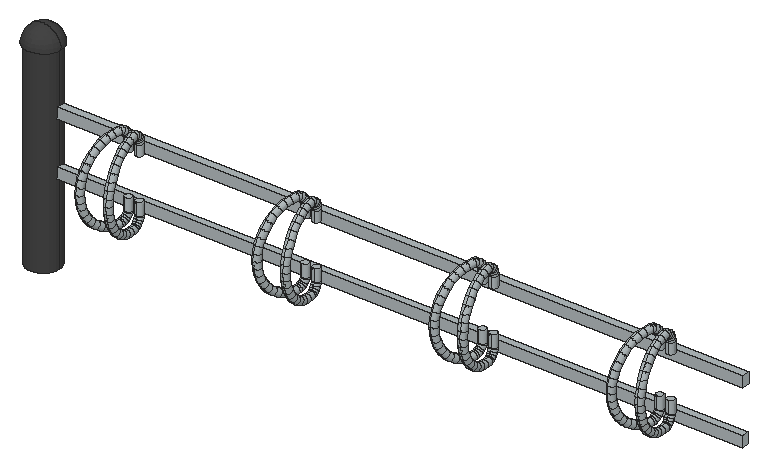
Revit family "Sirius 4 Pl Rak", category Furniture, Revit 2020
Family settings
  OmniClass Number = 23.21.23.13.15
  Work Plane-Based = No
  Always vertical = Yes
  Cut with Voids When Loaded = No
  Shared = No
  Room Calculation Point = No
Parameters (values of type "8003073 / Black - Galvanized")
  Uniclass 1.4 Description = "Furniture"
  Uniclass 1.4 Code = "L8211"
  URL = "https://www.hags.com/"
  QR code = "https://www.hags.com/en-us/furniture/park-and-urban-furniture/bicycle-storage/sirius-cycle-stand"
  Product url = "https://www.hags.com/en-us/furniture/park-and-urban-furniture/bicycle-storage/sirius-cycle-stand"
  Product name = "Sirius Cycle Stand Cast In Place 4 PL"
  Product data url = "https://bimobject.com/hags/product/sofa_sofiero_detached"
  Product SKU = "Sirius_Cycle_Stand_Detached"
  Product Guid = "90e49432-c870-4a59-897e-b15016e8f9bd"
  OmniClass Description = "BICYCLE STORAGE"
  OmniClass Code = "23-21 23 13 15"
  Model = "8003073"
  Manufacturer name = "HAGS"
  Manufacturer = "Hags"
  IFC Classification = "Furniture"
  Edition number = 1
  Description = ""
  Default Elevation = 0 mm
  Construction material = Hags - Steel - Powder coated - Black
  Body material_90 = Hags - Steel - Galvanized
  Body material = Hags - Steel - Galvanized
  BIMobject category = "PARK AND URBAN FURNITURE"
Reference planes
  plane 1 "Center (Front/Back)": y = 0
  plane 2: z = 0
  plane 3 "Center (Left/Right)": x = 0
Forms (mm)
  Extrusion 1, solid, material "Hags - Steel - Galvanized" <- "Body material"
    sketch origin (1.365, -9.603, 369.929) x (1, 0, 0) y (0, 1, 0)
      loop
        line (45, 10) -> (45, -10) -> (1955, -10) -> (1955, 10) -> (45, 10)
    from 10 to 40
  Extrusion 2, solid, material "Hags - Steel - Powder coated - Black" <- "Construction material"
    sketch origin (1.256, -9.603, 0) x (1, 0, 0) y (0, 1, 0)
      loop
        circle (0, 0) r 45
    from 0 to 549.709
  Revolve 3, solid, material "Hags - Steel - Powder coated - Black" <- "Construction material"
    sketch origin (-157.494, -9.976, 679.925) x (1, 0, 0) y (0, 0, -1)
      loop
        arc (158.761, 80.421) -> (194.116, 95.065) -> (208.761, 130.421) r 50
        line (208.761, 130.421) -> (207.761, 130.421)
        arc (207.761, 130.421) -> (193.409, 95.772) -> (158.761, 81.421) r 49
        line (158.761, 81.421) -> (158.761, 80.421)
      axis (158.761, 80.421) -> (158.761, 130.421)
    angle from 0 to 360
  Extrusion 4, solid, material "Hags - Steel - Galvanized" <- "Body material"
    sketch origin (1.365, -9.603, 220) x (1, 0, 0) y (0, 1, 0)
      loop
        line (45, 10) -> (45, -10) -> (1955, -10) -> (1955, 10) -> (45, 10)
    from 10 to 40
  Sweep 5, solid, material "Hags - Steel - Galvanized" <- "Body material"
    path in 3D
      loop
        line (284.399, -28.912, 379.243) -> (284.399, -28.912, 409.356) -> (284.665, -30.416, 417.342) -> (285.316, -34.108, 425.042) -> (286.286, -39.612, 430.632) -> (287.965, -49.133, 436.349) -> (289.347, -56.972, 437.365) -> (292.522, -74.978, 434.786) -> (295.203, -90.181, 431.456) -> (297.994, -106.011, 424.537) -> (300.723, -121.485, 415.172) -> (303.109, -135.021, 403.262) -> (305.21, -146.933, 388.659) -> (306.856, -156.271, 373.149) -> (308.013, -162.829, 356.943) -> (308.792, -167.247, 339.38) -> (309.009, -168.477, 321.297) -> (308.744, -166.976, 303.115) -> (308.016, -162.845, 285.057) -> (306.889, -156.455, 268.21) -> (305.171, -146.715, 252.347) -> (303.187, -135.458, 238.586) -> (300.759, -121.692, 226.912) -> (298.069, -106.433, 217.568) -> (295.162, -89.947, 210.351) -> (292.187, -73.075, 206.279) -> (288.99, -54.946, 204.888) -> (287.744, -47.88, 206.305) -> (286.375, -40.117, 210.646) -> (285.399, -34.582, 217.063) -> (284.552, -29.777, 225.614) -> (284.444, -29.163, 229.974) -> (284.444, -29.163, 262.737)
    profile origin (284.444, -29.163, 246.356) x (0, 1, 0) y (-1, 0, 0)
      loop
        circle (0, 0) r 10
  Sweep 6, solid, material "Hags - Steel - Galvanized" <- "Body material"
    path in 3D
      loop
        line (254.031, -29.133, 379.797) -> (254.031, -29.133, 409.91) -> (253.766, -30.637, 417.896) -> (253.115, -34.329, 425.596) -> (252.145, -39.834, 431.186) -> (250.466, -49.355, 436.903) -> (249.084, -57.193, 437.919) -> (245.909, -75.199, 435.34) -> (243.228, -90.403, 432.01) -> (240.437, -106.232, 425.091) -> (237.708, -121.706, 415.726) -> (235.321, -135.242, 403.816) -> (233.221, -147.154, 389.213) -> (231.574, -156.492, 373.703) -> (230.418, -163.05, 357.497) -> (229.639, -167.468, 339.934) -> (229.422, -168.699, 321.851) -> (229.687, -167.198, 303.669) -> (230.415, -163.066, 285.611) -> (231.542, -156.676, 268.764) -> (233.259, -146.936, 252.901) -> (235.244, -135.679, 239.14) -> (237.672, -121.914, 227.466) -> (240.362, -106.654, 218.122) -> (243.269, -90.169, 210.905) -> (246.244, -73.297, 206.833) -> (249.441, -55.167, 205.442) -> (250.687, -48.101, 206.859) -> (252.056, -40.338, 211.2) -> (253.032, -34.803, 217.617) -> (253.879, -29.998, 226.168) -> (253.987, -29.385, 230.528) -> (253.987, -29.385, 263.291)
    profile origin (253.987, -29.385, 246.91) x (0, 1, 0) y (-1, 0, 0)
      loop
        circle (0, 0) r 10
  Sweep 7, solid, material "Hags - Steel - Galvanized" <- "Body material"
    path in 3D
      loop
        line (1764.174, -28.912, 405.073) -> (1764.174, -28.912, 435.185) -> (1764.439, -30.416, 443.172) -> (1765.09, -34.108, 450.872) -> (1766.061, -39.612, 456.461) -> (1767.74, -49.133, 462.179) -> (1769.122, -56.972, 463.194) -> (1772.297, -74.978, 460.616) -> (1774.978, -90.181, 457.286) -> (1777.769, -106.011, 450.366) -> (1780.497, -121.485, 441.002) -> (1782.884, -135.021, 429.092) -> (1784.984, -146.933, 414.489) -> (1786.631, -156.271, 398.978) -> (1787.787, -162.829, 382.772) -> (1788.566, -167.247, 365.21) -> (1788.783, -168.477, 347.126) -> (1788.519, -166.976, 328.944) -> (1787.79, -162.845, 310.887) -> (1786.663, -156.455, 294.039) -> (1784.946, -146.715, 278.176) -> (1782.961, -135.458, 264.416) -> (1780.534, -121.692, 252.741) -> (1777.843, -106.433, 243.398) -> (1774.936, -89.947, 236.18) -> (1771.961, -73.075, 232.108) -> (1768.765, -54.946, 230.717) -> (1767.519, -47.88, 232.135) -> (1766.15, -40.117, 236.476) -> (1765.174, -34.582, 242.892) -> (1764.327, -29.777, 251.444) -> (1764.218, -29.163, 255.804) -> (1764.218, -29.163, 288.567)
    profile origin (1764.218, -29.163, 272.185) x (0, 1, 0) y (-1, 0, 0)
      loop
        circle (0, 0) r 10
  Sweep 8, solid, material "Hags - Steel - Galvanized" <- "Body material"
    path in 3D
      loop
        line (1733.806, -29.133, 405.627) -> (1733.806, -29.133, 435.739) -> (1733.541, -30.637, 443.726) -> (1732.89, -34.329, 451.426) -> (1731.919, -39.834, 457.015) -> (1730.24, -49.355, 462.733) -> (1728.858, -57.193, 463.748) -> (1725.683, -75.199, 461.17) -> (1723.002, -90.403, 457.84) -> (1720.211, -106.232, 450.92) -> (1717.483, -121.706, 441.556) -> (1715.096, -135.242, 429.646) -> (1712.996, -147.154, 415.043) -> (1711.349, -156.492, 399.532) -> (1710.193, -163.05, 383.326) -> (1709.414, -167.468, 365.764) -> (1709.197, -168.699, 347.68) -> (1709.461, -167.198, 329.498) -> (1710.19, -163.066, 311.441) -> (1711.317, -156.676, 294.593) -> (1713.034, -146.936, 278.73) -> (1715.019, -135.679, 264.97) -> (1717.446, -121.914, 253.295) -> (1720.137, -106.654, 243.952) -> (1723.044, -90.169, 236.734) -> (1726.019, -73.297, 232.662) -> (1729.215, -55.167, 231.271) -> (1730.461, -48.101, 232.689) -> (1731.83, -40.338, 237.03) -> (1732.806, -34.803, 243.446) -> (1733.653, -29.998, 251.998) -> (1733.762, -29.385, 256.358) -> (1733.762, -29.385, 289.121)
    profile origin (1733.762, -29.385, 272.739) x (0, 1, 0) y (-1, 0, 0)
      loop
        circle (0, 0) r 10
  Sweep 9, solid, material "Hags - Steel - Galvanized" <- "Body material"
    path in 3D
      loop
        line (777.658, -28.912, 387.853) -> (777.658, -28.912, 417.966) -> (777.923, -30.416, 425.952) -> (778.574, -34.108, 433.652) -> (779.545, -39.612, 439.241) -> (781.223, -49.133, 444.959) -> (782.605, -56.972, 445.974) -> (785.78, -74.978, 443.396) -> (788.461, -90.181, 440.066) -> (791.252, -106.011, 433.147) -> (793.981, -121.485, 423.782) -> (796.368, -135.021, 411.872) -> (798.468, -146.933, 397.269) -> (800.115, -156.271, 381.759) -> (801.271, -162.829, 365.553) -> (802.05, -167.247, 347.99) -> (802.267, -168.477, 329.907) -> (802.002, -166.976, 311.725) -> (801.274, -162.845, 293.667) -> (800.147, -156.455, 276.82) -> (798.43, -146.715, 260.956) -> (796.445, -135.458, 247.196) -> (794.017, -121.692, 235.521) -> (791.327, -106.433, 226.178) -> (788.42, -89.947, 218.96) -> (785.445, -73.075, 214.889) -> (782.248, -54.946, 213.498) -> (781.002, -47.88, 214.915) -> (779.633, -40.117, 219.256) -> (778.657, -34.582, 225.673) -> (777.81, -29.777, 234.224) -> (777.702, -29.163, 238.584) -> (777.702, -29.163, 271.347)
    profile origin (777.702, -29.163, 254.965) x (0, 1, 0) y (-1, 0, 0)
      loop
        circle (0, 0) r 10
  Sweep 10, solid, material "Hags - Steel - Galvanized" <- "Body material"
    path in 3D
      loop
        line (747.29, -29.133, 388.407) -> (747.29, -29.133, 418.52) -> (747.024, -30.637, 426.506) -> (746.373, -34.329, 434.206) -> (745.403, -39.834, 439.795) -> (743.724, -49.355, 445.513) -> (742.342, -57.193, 446.528) -> (739.167, -75.199, 443.95) -> (736.486, -90.403, 440.62) -> (733.695, -106.232, 433.701) -> (730.966, -121.706, 424.336) -> (728.58, -135.242, 412.426) -> (726.479, -147.154, 397.823) -> (724.833, -156.492, 382.313) -> (723.676, -163.05, 366.107) -> (722.897, -167.468, 348.544) -> (722.68, -168.699, 330.461) -> (722.945, -167.198, 312.279) -> (723.673, -163.066, 294.221) -> (724.8, -156.676, 277.374) -> (726.518, -146.936, 261.51) -> (728.503, -135.679, 247.75) -> (730.93, -121.914, 236.075) -> (733.62, -106.654, 226.732) -> (736.527, -90.169, 219.514) -> (739.502, -73.297, 215.443) -> (742.699, -55.167, 214.052) -> (743.945, -48.101, 215.469) -> (745.314, -40.338, 219.81) -> (746.29, -34.803, 226.227) -> (747.137, -29.998, 234.778) -> (747.245, -29.385, 239.138) -> (747.245, -29.385, 271.901)
    profile origin (747.245, -29.385, 255.519) x (0, 1, 0) y (-1, 0, 0)
      loop
        circle (0, 0) r 10
  Sweep 11, solid, material "Hags - Steel - Galvanized" <- "Body material"
    path in 3D
      loop
        line (1270.916, -28.912, 396.463) -> (1270.916, -28.912, 426.576) -> (1271.181, -30.416, 434.562) -> (1271.832, -34.108, 442.262) -> (1272.803, -39.612, 447.851) -> (1274.482, -49.133, 453.569) -> (1275.864, -56.972, 454.584) -> (1279.039, -74.978, 452.006) -> (1281.719, -90.181, 448.676) -> (1284.511, -106.011, 441.757) -> (1287.239, -121.485, 432.392) -> (1289.626, -135.021, 420.482) -> (1291.726, -146.933, 405.879) -> (1293.373, -156.271, 390.368) -> (1294.529, -162.829, 374.162) -> (1295.308, -167.247, 356.6) -> (1295.525, -168.477, 338.516) -> (1295.26, -166.976, 320.335) -> (1294.532, -162.845, 302.277) -> (1293.405, -156.455, 285.43) -> (1291.688, -146.715, 269.566) -> (1289.703, -135.458, 255.806) -> (1287.276, -121.692, 244.131) -> (1284.585, -106.433, 234.788) -> (1281.678, -89.947, 227.57) -> (1278.703, -73.075, 223.499) -> (1275.506, -54.946, 222.108) -> (1274.26, -47.88, 223.525) -> (1272.892, -40.117, 227.866) -> (1271.916, -34.582, 234.283) -> (1271.068, -29.777, 242.834) -> (1270.96, -29.163, 247.194) -> (1270.96, -29.163, 279.957)
    profile origin (1270.96, -29.163, 263.575) x (0, 1, 0) y (-1, 0, 0)
      loop
        circle (0, 0) r 10
  Sweep 12, solid, material "Hags - Steel - Galvanized" <- "Body material"
    path in 3D
      loop
        line (1240.548, -29.133, 397.017) -> (1240.548, -29.133, 427.13) -> (1240.282, -30.637, 435.116) -> (1239.631, -34.329, 442.816) -> (1238.661, -39.834, 448.405) -> (1236.982, -49.355, 454.123) -> (1235.6, -57.193, 455.138) -> (1232.425, -75.199, 452.56) -> (1229.744, -90.403, 449.23) -> (1226.953, -106.232, 442.311) -> (1224.225, -121.706, 432.946) -> (1221.838, -135.242, 421.036) -> (1219.737, -147.154, 406.433) -> (1218.091, -156.492, 390.922) -> (1216.935, -163.05, 374.716) -> (1216.155, -167.468, 357.154) -> (1215.939, -168.699, 339.07) -> (1216.203, -167.198, 320.889) -> (1216.932, -163.066, 302.831) -> (1218.058, -156.676, 285.983) -> (1219.776, -146.936, 270.12) -> (1221.761, -135.679, 256.36) -> (1224.188, -121.914, 244.685) -> (1226.879, -106.654, 235.342) -> (1229.785, -90.169, 228.124) -> (1232.76, -73.297, 224.053) -> (1235.957, -55.167, 222.662) -> (1237.203, -48.101, 224.079) -> (1238.572, -40.338, 228.42) -> (1239.548, -34.803, 234.837) -> (1240.395, -29.998, 243.388) -> (1240.503, -29.385, 247.748) -> (1240.503, -29.385, 280.511)
    profile origin (1240.503, -29.385, 264.129) x (0, 1, 0) y (-1, 0, 0)
      loop
        circle (0, 0) r 10
Lines and regions (mm)
  sketch lines
    curve 1: line (284.444, -29.163, 229.974) -> (284.444, -29.163, 262.737)
    curve 2: line (284.552, -29.777, 225.614) -> (284.444, -29.163, 229.974)
    curve 3: line (285.399, -34.582, 217.063) -> (284.552, -29.777, 225.614)
    curve 4: line (286.375, -40.117, 210.646) -> (285.399, -34.582, 217.063)
    curve 5: line (287.744, -47.88, 206.305) -> (286.375, -40.117, 210.646)
    curve 6: line (288.99, -54.946, 204.888) -> (287.744, -47.88, 206.305)
    curve 7: line (292.187, -73.075, 206.279) -> (288.99, -54.946, 204.888)
    curve 8: line (295.162, -89.947, 210.351) -> (292.187, -73.075, 206.279)
    curve 9: line (298.069, -106.433, 217.568) -> (295.162, -89.947, 210.351)
    curve 10: line (300.759, -121.692, 226.912) -> (298.069, -106.433, 217.568)
    curve 11: line (303.187, -135.458, 238.586) -> (300.759, -121.692, 226.912)
    curve 12: line (305.171, -146.715, 252.347) -> (303.187, -135.458, 238.586)
    curve 13: line (306.889, -156.455, 268.21) -> (305.171, -146.715, 252.347)
    curve 14: line (308.016, -162.845, 285.057) -> (306.889, -156.455, 268.21)
    curve 15: line (308.744, -166.976, 303.115) -> (308.016, -162.845, 285.057)
    curve 16: line (309.009, -168.477, 321.297) -> (308.744, -166.976, 303.115)
    curve 17: line (308.792, -167.247, 339.38) -> (309.009, -168.477, 321.297)
    curve 18: line (308.013, -162.829, 356.943) -> (308.792, -167.247, 339.38)
    curve 19: line (306.856, -156.271, 373.149) -> (308.013, -162.829, 356.943)
    curve 20: line (305.21, -146.933, 388.659) -> (306.856, -156.271, 373.149)
    curve 21: line (303.109, -135.021, 403.262) -> (305.21, -146.933, 388.659)
    curve 22: line (300.723, -121.485, 415.172) -> (303.109, -135.021, 403.262)
    curve 23: line (297.994, -106.011, 424.537) -> (300.723, -121.485, 415.172)
    curve 24: line (295.203, -90.181, 431.456) -> (297.994, -106.011, 424.537)
    curve 25: line (292.522, -74.978, 434.786) -> (295.203, -90.181, 431.456)
    curve 26: line (289.347, -56.972, 437.365) -> (292.522, -74.978, 434.786)
    curve 27: line (287.965, -49.133, 436.349) -> (289.347, -56.972, 437.365)
    curve 28: line (286.286, -39.612, 430.632) -> (287.965, -49.133, 436.349)
    curve 29: line (285.316, -34.108, 425.042) -> (286.286, -39.612, 430.632)
    curve 30: line (284.665, -30.416, 417.342) -> (285.316, -34.108, 425.042)
    curve 31: line (284.399, -28.912, 409.356) -> (284.665, -30.416, 417.342)
    curve 32: line (284.399, -28.912, 379.243) -> (284.399, -28.912, 409.356)
    curve 33: line (253.987, -29.385, 230.528) -> (253.987, -29.385, 263.291)
    curve 34: line (253.879, -29.998, 226.168) -> (253.987, -29.385, 230.528)
    curve 35: line (253.032, -34.803, 217.617) -> (253.879, -29.998, 226.168)
    curve 36: line (252.056, -40.338, 211.2) -> (253.032, -34.803, 217.617)
    curve 37: line (250.687, -48.101, 206.859) -> (252.056, -40.338, 211.2)
    curve 38: line (249.441, -55.167, 205.442) -> (250.687, -48.101, 206.859)
    curve 39: line (246.244, -73.297, 206.833) -> (249.441, -55.167, 205.442)
    curve 40: line (243.269, -90.169, 210.905) -> (246.244, -73.297, 206.833)
    curve 41: line (240.362, -106.654, 218.122) -> (243.269, -90.169, 210.905)
    curve 42: line (237.672, -121.914, 227.466) -> (240.362, -106.654, 218.122)
    curve 43: line (235.244, -135.679, 239.14) -> (237.672, -121.914, 227.466)
    curve 44: line (233.259, -146.936, 252.901) -> (235.244, -135.679, 239.14)
    curve 45: line (231.542, -156.676, 268.764) -> (233.259, -146.936, 252.901)
    curve 46: line (230.415, -163.066, 285.611) -> (231.542, -156.676, 268.764)
    curve 47: line (229.687, -167.198, 303.669) -> (230.415, -163.066, 285.611)
    curve 48: line (229.422, -168.699, 321.851) -> (229.687, -167.198, 303.669)
    curve 49: line (229.639, -167.468, 339.934) -> (229.422, -168.699, 321.851)
    curve 50: line (230.418, -163.05, 357.497) -> (229.639, -167.468, 339.934)
    curve 51: line (231.574, -156.492, 373.703) -> (230.418, -163.05, 357.497)
    curve 52: line (233.221, -147.154, 389.213) -> (231.574, -156.492, 373.703)
    curve 53: line (235.321, -135.242, 403.816) -> (233.221, -147.154, 389.213)
    curve 54: line (237.708, -121.706, 415.726) -> (235.321, -135.242, 403.816)
    curve 55: line (240.437, -106.232, 425.091) -> (237.708, -121.706, 415.726)
    curve 56: line (243.228, -90.403, 432.01) -> (240.437, -106.232, 425.091)
    curve 57: line (245.909, -75.199, 435.34) -> (243.228, -90.403, 432.01)
    curve 58: line (249.084, -57.193, 437.919) -> (245.909, -75.199, 435.34)
    curve 59: line (250.466, -49.355, 436.903) -> (249.084, -57.193, 437.919)
    curve 60: line (252.145, -39.834, 431.186) -> (250.466, -49.355, 436.903)
    curve 61: line (253.115, -34.329, 425.596) -> (252.145, -39.834, 431.186)
    curve 62: line (253.766, -30.637, 417.896) -> (253.115, -34.329, 425.596)
    curve 63: line (254.031, -29.133, 409.91) -> (253.766, -30.637, 417.896)
    curve 64: line (254.031, -29.133, 379.797) -> (254.031, -29.133, 409.91)
    curve 65: line (1764.218, -29.163, 255.804) -> (1764.218, -29.163, 288.567)
    curve 66: line (1764.327, -29.777, 251.444) -> (1764.218, -29.163, 255.804)
    curve 67: line (1765.174, -34.582, 242.892) -> (1764.327, -29.777, 251.444)
    curve 68: line (1766.15, -40.117, 236.476) -> (1765.174, -34.582, 242.892)
    curve 69: line (1767.519, -47.88, 232.135) -> (1766.15, -40.117, 236.476)
    curve 70: line (1768.765, -54.946, 230.717) -> (1767.519, -47.88, 232.135)
    curve 71: line (1771.961, -73.075, 232.108) -> (1768.765, -54.946, 230.717)
    curve 72: line (1774.936, -89.947, 236.18) -> (1771.961, -73.075, 232.108)
    curve 73: line (1777.843, -106.433, 243.398) -> (1774.936, -89.947, 236.18)
    curve 74: line (1780.534, -121.692, 252.741) -> (1777.843, -106.433, 243.398)
    curve 75: line (1782.961, -135.458, 264.416) -> (1780.534, -121.692, 252.741)
    curve 76: line (1784.946, -146.715, 278.176) -> (1782.961, -135.458, 264.416)
    curve 77: line (1786.663, -156.455, 294.039) -> (1784.946, -146.715, 278.176)
    curve 78: line (1787.79, -162.845, 310.887) -> (1786.663, -156.455, 294.039)
    curve 79: line (1788.519, -166.976, 328.944) -> (1787.79, -162.845, 310.887)
    curve 80: line (1788.783, -168.477, 347.126) -> (1788.519, -166.976, 328.944)
    curve 81: line (1788.566, -167.247, 365.21) -> (1788.783, -168.477, 347.126)
    curve 82: line (1787.787, -162.829, 382.772) -> (1788.566, -167.247, 365.21)
    curve 83: line (1786.631, -156.271, 398.978) -> (1787.787, -162.829, 382.772)
    curve 84: line (1784.984, -146.933, 414.489) -> (1786.631, -156.271, 398.978)
    curve 85: line (1782.884, -135.021, 429.092) -> (1784.984, -146.933, 414.489)
    curve 86: line (1780.497, -121.485, 441.002) -> (1782.884, -135.021, 429.092)
    curve 87: line (1777.769, -106.011, 450.366) -> (1780.497, -121.485, 441.002)
    curve 88: line (1774.978, -90.181, 457.286) -> (1777.769, -106.011, 450.366)
    curve 89: line (1772.297, -74.978, 460.616) -> (1774.978, -90.181, 457.286)
    curve 90: line (1769.122, -56.972, 463.194) -> (1772.297, -74.978, 460.616)
    curve 91: line (1767.74, -49.133, 462.179) -> (1769.122, -56.972, 463.194)
    curve 92: line (1766.061, -39.612, 456.461) -> (1767.74, -49.133, 462.179)
    curve 93: line (1765.09, -34.108, 450.872) -> (1766.061, -39.612, 456.461)
    curve 94: line (1764.439, -30.416, 443.172) -> (1765.09, -34.108, 450.872)
    curve 95: line (1764.174, -28.912, 435.185) -> (1764.439, -30.416, 443.172)
    curve 96: line (1764.174, -28.912, 405.073) -> (1764.174, -28.912, 435.185)
    curve 97: line (1733.762, -29.385, 256.358) -> (1733.762, -29.385, 289.121)
    curve 98: line (1733.653, -29.998, 251.998) -> (1733.762, -29.385, 256.358)
    curve 99: line (1732.806, -34.803, 243.446) -> (1733.653, -29.998, 251.998)
    curve 100: line (1731.83, -40.338, 237.03) -> (1732.806, -34.803, 243.446)
    curve 101: line (1730.461, -48.101, 232.689) -> (1731.83, -40.338, 237.03)
    curve 102: line (1729.215, -55.167, 231.271) -> (1730.461, -48.101, 232.689)
    curve 103: line (1726.019, -73.297, 232.662) -> (1729.215, -55.167, 231.271)
    curve 104: line (1723.044, -90.169, 236.734) -> (1726.019, -73.297, 232.662)
    curve 105: line (1720.137, -106.654, 243.952) -> (1723.044, -90.169, 236.734)
    curve 106: line (1717.446, -121.914, 253.295) -> (1720.137, -106.654, 243.952)
    curve 107: line (1715.019, -135.679, 264.97) -> (1717.446, -121.914, 253.295)
    curve 108: line (1713.034, -146.936, 278.73) -> (1715.019, -135.679, 264.97)
    curve 109: line (1711.317, -156.676, 294.593) -> (1713.034, -146.936, 278.73)
    curve 110: line (1710.19, -163.066, 311.441) -> (1711.317, -156.676, 294.593)
    curve 111: line (1709.461, -167.198, 329.498) -> (1710.19, -163.066, 311.441)
    curve 112: line (1709.197, -168.699, 347.68) -> (1709.461, -167.198, 329.498)
    curve 113: line (1709.414, -167.468, 365.764) -> (1709.197, -168.699, 347.68)
    curve 114: line (1710.193, -163.05, 383.326) -> (1709.414, -167.468, 365.764)
    curve 115: line (1711.349, -156.492, 399.532) -> (1710.193, -163.05, 383.326)
    curve 116: line (1712.996, -147.154, 415.043) -> (1711.349, -156.492, 399.532)
    curve 117: line (1715.096, -135.242, 429.646) -> (1712.996, -147.154, 415.043)
    curve 118: line (1717.483, -121.706, 441.556) -> (1715.096, -135.242, 429.646)
    curve 119: line (1720.211, -106.232, 450.92) -> (1717.483, -121.706, 441.556)
    curve 120: line (1723.002, -90.403, 457.84) -> (1720.211, -106.232, 450.92)
    curve 121: line (1725.683, -75.199, 461.17) -> (1723.002, -90.403, 457.84)
    curve 122: line (1728.858, -57.193, 463.748) -> (1725.683, -75.199, 461.17)
    curve 123: line (1730.24, -49.355, 462.733) -> (1728.858, -57.193, 463.748)
    curve 124: line (1731.919, -39.834, 457.015) -> (1730.24, -49.355, 462.733)
    curve 125: line (1732.89, -34.329, 451.426) -> (1731.919, -39.834, 457.015)
    curve 126: line (1733.541, -30.637, 443.726) -> (1732.89, -34.329, 451.426)
    curve 127: line (1733.806, -29.133, 435.739) -> (1733.541, -30.637, 443.726)
    curve 128: line (1733.806, -29.133, 405.627) -> (1733.806, -29.133, 435.739)
    curve 129: line (777.702, -29.163, 238.584) -> (777.702, -29.163, 271.347)
    curve 130: line (777.81, -29.777, 234.224) -> (777.702, -29.163, 238.584)
    curve 131: line (778.657, -34.582, 225.673) -> (777.81, -29.777, 234.224)
    curve 132: line (779.633, -40.117, 219.256) -> (778.657, -34.582, 225.673)
    curve 133: line (781.002, -47.88, 214.915) -> (779.633, -40.117, 219.256)
    curve 134: line (782.248, -54.946, 213.498) -> (781.002, -47.88, 214.915)
    curve 135: line (785.445, -73.075, 214.889) -> (782.248, -54.946, 213.498)
    curve 136: line (788.42, -89.947, 218.96) -> (785.445, -73.075, 214.889)
    curve 137: line (791.327, -106.433, 226.178) -> (788.42, -89.947, 218.96)
    curve 138: line (794.017, -121.692, 235.521) -> (791.327, -106.433, 226.178)
    curve 139: line (796.445, -135.458, 247.196) -> (794.017, -121.692, 235.521)
    curve 140: line (798.43, -146.715, 260.956) -> (796.445, -135.458, 247.196)
    curve 141: line (800.147, -156.455, 276.82) -> (798.43, -146.715, 260.956)
    curve 142: line (801.274, -162.845, 293.667) -> (800.147, -156.455, 276.82)
    curve 143: line (802.002, -166.976, 311.725) -> (801.274, -162.845, 293.667)
    curve 144: line (802.267, -168.477, 329.907) -> (802.002, -166.976, 311.725)
    curve 145: line (802.05, -167.247, 347.99) -> (802.267, -168.477, 329.907)
    curve 146: line (801.271, -162.829, 365.553) -> (802.05, -167.247, 347.99)
    curve 147: line (800.115, -156.271, 381.759) -> (801.271, -162.829, 365.553)
    curve 148: line (798.468, -146.933, 397.269) -> (800.115, -156.271, 381.759)
    curve 149: line (796.368, -135.021, 411.872) -> (798.468, -146.933, 397.269)
    curve 150: line (793.981, -121.485, 423.782) -> (796.368, -135.021, 411.872)
    curve 151: line (791.252, -106.011, 433.147) -> (793.981, -121.485, 423.782)
    curve 152: line (788.461, -90.181, 440.066) -> (791.252, -106.011, 433.147)
    curve 153: line (785.78, -74.978, 443.396) -> (788.461, -90.181, 440.066)
    curve 154: line (782.605, -56.972, 445.974) -> (785.78, -74.978, 443.396)
    curve 155: line (781.223, -49.133, 444.959) -> (782.605, -56.972, 445.974)
    curve 156: line (779.545, -39.612, 439.241) -> (781.223, -49.133, 444.959)
    curve 157: line (778.574, -34.108, 433.652) -> (779.545, -39.612, 439.241)
    curve 158: line (777.923, -30.416, 425.952) -> (778.574, -34.108, 433.652)
    curve 159: line (777.658, -28.912, 417.966) -> (777.923, -30.416, 425.952)
    curve 160: line (777.658, -28.912, 387.853) -> (777.658, -28.912, 417.966)
    curve 161: line (747.245, -29.385, 239.138) -> (747.245, -29.385, 271.901)
    curve 162: line (747.137, -29.998, 234.778) -> (747.245, -29.385, 239.138)
    curve 163: line (746.29, -34.803, 226.227) -> (747.137, -29.998, 234.778)
    curve 164: line (745.314, -40.338, 219.81) -> (746.29, -34.803, 226.227)
    curve 165: line (743.945, -48.101, 215.469) -> (745.314, -40.338, 219.81)
    curve 166: line (742.699, -55.167, 214.052) -> (743.945, -48.101, 215.469)
    curve 167: line (739.502, -73.297, 215.443) -> (742.699, -55.167, 214.052)
    curve 168: line (736.527, -90.169, 219.514) -> (739.502, -73.297, 215.443)
    curve 169: line (733.62, -106.654, 226.732) -> (736.527, -90.169, 219.514)
    curve 170: line (730.93, -121.914, 236.075) -> (733.62, -106.654, 226.732)
    curve 171: line (728.503, -135.679, 247.75) -> (730.93, -121.914, 236.075)
    curve 172: line (726.518, -146.936, 261.51) -> (728.503, -135.679, 247.75)
    curve 173: line (724.8, -156.676, 277.374) -> (726.518, -146.936, 261.51)
    curve 174: line (723.673, -163.066, 294.221) -> (724.8, -156.676, 277.374)
    curve 175: line (722.945, -167.198, 312.279) -> (723.673, -163.066, 294.221)
    curve 176: line (722.68, -168.699, 330.461) -> (722.945, -167.198, 312.279)
    curve 177: line (722.897, -167.468, 348.544) -> (722.68, -168.699, 330.461)
    curve 178: line (723.676, -163.05, 366.107) -> (722.897, -167.468, 348.544)
    curve 179: line (724.833, -156.492, 382.313) -> (723.676, -163.05, 366.107)
    curve 180: line (726.479, -147.154, 397.823) -> (724.833, -156.492, 382.313)
    curve 181: line (728.58, -135.242, 412.426) -> (726.479, -147.154, 397.823)
    curve 182: line (730.966, -121.706, 424.336) -> (728.58, -135.242, 412.426)
    curve 183: line (733.695, -106.232, 433.701) -> (730.966, -121.706, 424.336)
    curve 184: line (736.486, -90.403, 440.62) -> (733.695, -106.232, 433.701)
    curve 185: line (739.167, -75.199, 443.95) -> (736.486, -90.403, 440.62)
    curve 186: line (742.342, -57.193, 446.528) -> (739.167, -75.199, 443.95)
    curve 187: line (743.724, -49.355, 445.513) -> (742.342, -57.193, 446.528)
    curve 188: line (745.403, -39.834, 439.795) -> (743.724, -49.355, 445.513)
    curve 189: line (746.373, -34.329, 434.206) -> (745.403, -39.834, 439.795)
    curve 190: line (747.024, -30.637, 426.506) -> (746.373, -34.329, 434.206)
    curve 191: line (747.29, -29.133, 418.52) -> (747.024, -30.637, 426.506)
    curve 192: line (747.29, -29.133, 388.407) -> (747.29, -29.133, 418.52)
    curve 193: line (1270.96, -29.163, 247.194) -> (1270.96, -29.163, 279.957)
    curve 194: line (1271.068, -29.777, 242.834) -> (1270.96, -29.163, 247.194)
    curve 195: line (1271.916, -34.582, 234.283) -> (1271.068, -29.777, 242.834)
    curve 196: line (1272.892, -40.117, 227.866) -> (1271.916, -34.582, 234.283)
    curve 197: line (1274.26, -47.88, 223.525) -> (1272.892, -40.117, 227.866)
    curve 198: line (1275.506, -54.946, 222.108) -> (1274.26, -47.88, 223.525)
    curve 199: line (1278.703, -73.075, 223.499) -> (1275.506, -54.946, 222.108)
    curve 200: line (1281.678, -89.947, 227.57) -> (1278.703, -73.075, 223.499)
    curve 201: line (1284.585, -106.433, 234.788) -> (1281.678, -89.947, 227.57)
    curve 202: line (1287.276, -121.692, 244.131) -> (1284.585, -106.433, 234.788)
    curve 203: line (1289.703, -135.458, 255.806) -> (1287.276, -121.692, 244.131)
    curve 204: line (1291.688, -146.715, 269.566) -> (1289.703, -135.458, 255.806)
    curve 205: line (1293.405, -156.455, 285.43) -> (1291.688, -146.715, 269.566)
    curve 206: line (1294.532, -162.845, 302.277) -> (1293.405, -156.455, 285.43)
    curve 207: line (1295.26, -166.976, 320.335) -> (1294.532, -162.845, 302.277)
    curve 208: line (1295.525, -168.477, 338.516) -> (1295.26, -166.976, 320.335)
    curve 209: line (1295.308, -167.247, 356.6) -> (1295.525, -168.477, 338.516)
    curve 210: line (1294.529, -162.829, 374.162) -> (1295.308, -167.247, 356.6)
    curve 211: line (1293.373, -156.271, 390.368) -> (1294.529, -162.829, 374.162)
    curve 212: line (1291.726, -146.933, 405.879) -> (1293.373, -156.271, 390.368)
    curve 213: line (1289.626, -135.021, 420.482) -> (1291.726, -146.933, 405.879)
    curve 214: line (1287.239, -121.485, 432.392) -> (1289.626, -135.021, 420.482)
    curve 215: line (1284.511, -106.011, 441.757) -> (1287.239, -121.485, 432.392)
    curve 216: line (1281.719, -90.181, 448.676) -> (1284.511, -106.011, 441.757)
    curve 217: line (1279.039, -74.978, 452.006) -> (1281.719, -90.181, 448.676)
    curve 218: line (1275.864, -56.972, 454.584) -> (1279.039, -74.978, 452.006)
    curve 219: line (1274.482, -49.133, 453.569) -> (1275.864, -56.972, 454.584)
    curve 220: line (1272.803, -39.612, 447.851) -> (1274.482, -49.133, 453.569)
    curve 221: line (1271.832, -34.108, 442.262) -> (1272.803, -39.612, 447.851)
    curve 222: line (1271.181, -30.416, 434.562) -> (1271.832, -34.108, 442.262)
    curve 223: line (1270.916, -28.912, 426.576) -> (1271.181, -30.416, 434.562)
    curve 224: line (1270.916, -28.912, 396.463) -> (1270.916, -28.912, 426.576)
    curve 225: line (1240.503, -29.385, 247.748) -> (1240.503, -29.385, 280.511)
    curve 226: line (1240.395, -29.998, 243.388) -> (1240.503, -29.385, 247.748)
    curve 227: line (1239.548, -34.803, 234.837) -> (1240.395, -29.998, 243.388)
    curve 228: line (1238.572, -40.338, 228.42) -> (1239.548, -34.803, 234.837)
    curve 229: line (1237.203, -48.101, 224.079) -> (1238.572, -40.338, 228.42)
    curve 230: line (1235.957, -55.167, 222.662) -> (1237.203, -48.101, 224.079)
    curve 231: line (1232.76, -73.297, 224.053) -> (1235.957, -55.167, 222.662)
    curve 232: line (1229.785, -90.169, 228.124) -> (1232.76, -73.297, 224.053)
    curve 233: line (1226.879, -106.654, 235.342) -> (1229.785, -90.169, 228.124)
    curve 234: line (1224.188, -121.914, 244.685) -> (1226.879, -106.654, 235.342)
    curve 235: line (1221.761, -135.679, 256.36) -> (1224.188, -121.914, 244.685)
    curve 236: line (1219.776, -146.936, 270.12) -> (1221.761, -135.679, 256.36)
    curve 237: line (1218.058, -156.676, 285.983) -> (1219.776, -146.936, 270.12)
    curve 238: line (1216.932, -163.066, 302.831) -> (1218.058, -156.676, 285.983)
    curve 239: line (1216.203, -167.198, 320.889) -> (1216.932, -163.066, 302.831)
    curve 240: line (1215.939, -168.699, 339.07) -> (1216.203, -167.198, 320.889)
    curve 241: line (1216.155, -167.468, 357.154) -> (1215.939, -168.699, 339.07)
    curve 242: line (1216.935, -163.05, 374.716) -> (1216.155, -167.468, 357.154)
    curve 243: line (1218.091, -156.492, 390.922) -> (1216.935, -163.05, 374.716)
    curve 244: line (1219.737, -147.154, 406.433) -> (1218.091, -156.492, 390.922)
    curve 245: line (1221.838, -135.242, 421.036) -> (1219.737, -147.154, 406.433)
    curve 246: line (1224.225, -121.706, 432.946) -> (1221.838, -135.242, 421.036)
    curve 247: line (1226.953, -106.232, 442.311) -> (1224.225, -121.706, 432.946)
    curve 248: line (1229.744, -90.403, 449.23) -> (1226.953, -106.232, 442.311)
    curve 249: line (1232.425, -75.199, 452.56) -> (1229.744, -90.403, 449.23)
    curve 250: line (1235.6, -57.193, 455.138) -> (1232.425, -75.199, 452.56)
    curve 251: line (1236.982, -49.355, 454.123) -> (1235.6, -57.193, 455.138)
    curve 252: line (1238.661, -39.834, 448.405) -> (1236.982, -49.355, 454.123)
    curve 253: line (1239.631, -34.329, 442.816) -> (1238.661, -39.834, 448.405)
    curve 254: line (1240.282, -30.637, 435.116) -> (1239.631, -34.329, 442.816)
    curve 255: line (1240.548, -29.133, 427.13) -> (1240.282, -30.637, 435.116)
    curve 256: line (1240.548, -29.133, 397.017) -> (1240.548, -29.133, 427.13)
Dimensions and locks
  aligned and locked: level to plane 2
